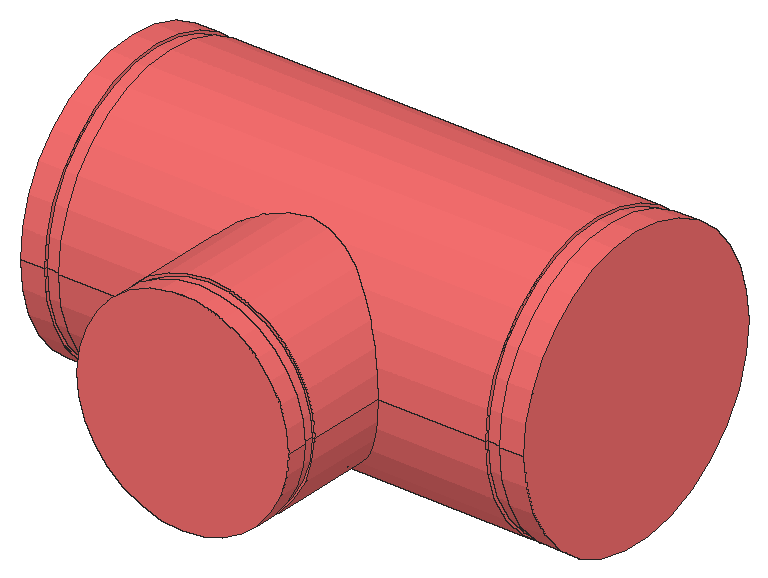
Revit family "ST115 REDUCING TEE", category Pipe Fittings, Revit 2025
Family settings
  Round Connector Dimension = Use Diameter
  Part Type = Tee
  Work Plane-Based = No
  Always vertical = No
  Cut with Voids When Loaded = No
  Shared = No
Parameters (values of type "200X165.1")
  OD1 [instance] = size_lookup(LOOKUP TABLE, "OD1", 50 mm, ND, ND1)  # 165.1 mm
  ND1 [instance] = 165.1 mm
  ND [instance] = 200 mm
  LOOKUP TABLE [instance] = "ST-115 REDUCING TEE"
  GD1 [instance] = size_lookup(LOOKUP TABLE, "GD1", 50 mm, ND, ND1)  # 161 mm
  GD [instance] = size_lookup(LOOKUP TABLE, "GD", 50 mm, ND, ND1)  # 215 mm
  F1 [instance] = size_lookup(LOOKUP TABLE, "F1", 50 mm, ND, ND1)  # 9.5 mm
  F [instance] = size_lookup(LOOKUP TABLE, "F", 50 mm, ND, ND1)  # 11.1 mm
  E1 [instance] = size_lookup(LOOKUP TABLE, "E1", 50 mm, ND, ND1)  # 15.9 mm
  E [instance] = size_lookup(LOOKUP TABLE, "E", 50 mm, ND, ND1)  # 19 mm
  Default Elevation = 0 mm
  OD [instance] = size_lookup(LOOKUP TABLE, "OD", 50 mm, ND, ND1)  # 219.1 mm
  CE [instance] = size_lookup(LOOKUP TABLE, "CE", 50 mm, ND, ND1)  # 196.8 mm
Types (98, lengths in mm): name | OD1 | ND1 | ND | GD1 | GD | F1 | F | E1 | E | OD | CE
  50X25 | 33.4 | 25 | 50 | 30.3 | 57.5 | 8 | 8 | 15.9 | 15.9 | 60.3 | 82.5
  50X32 | 42.2 | 32 | 50 | 39 | 57.5 | 8 | 8 | 15.9 | 15.9 | 60.3 | 82.5
  50X40 | 48.3 | 40 | 50 | 46 | 57.5 | 8 | 8 | 15.9 | 15.9 | 60.3 | 82.5
  65X32 | 42.2 | 32 | 65 | 39 | 70 | 8 | 8 | 15.9 | 15.9 | 73 | 95.2
  65X40 | 48.3 | 40 | 65 | 46 | 70 | 8 | 8 | 15.9 | 15.9 | 73 | 95.2
  65X50 | 60.3 | 50 | 65 | 57.5 | 70 | 8 | 8 | 15.9 | 15.9 | 73 | 95.2
  76.1X25 | 33.4 | 25 | 76.1 | 30.3 | 73 | 8 | 8 | 15.9 | 15.9 | 76.1 | 95.2
  76.1X32 | 42.2 | 32 | 76.1 | 39 | 73 | 8 | 8 | 15.9 | 15.9 | 76.1 | 95.2
  76.1X40 | 48.3 | 40 | 76.1 | 46 | 73 | 8 | 8 | 15.9 | 15.9 | 76.1 | 95.2
  76.1X50 | 60.3 | 50 | 76.1 | 57.5 | 73 | 8 | 8 | 15.9 | 15.9 | 76.1 | 95.2
  80X25 | 33.4 | 25 | 80 | 30.3 | 85 | 8 | 8 | 15.9 | 15.9 | 88.9 | 108
  80X32 | 42.2 | 32 | 80 | 39 | 85 | 8 | 8 | 15.9 | 15.9 | 88.9 | 108
  80X40 | 48.3 | 40 | 80 | 46 | 85 | 8 | 8 | 15.9 | 15.9 | 88.9 | 108
  80X50 | 60.3 | 50 | 80 | 57.5 | 85 | 8 | 8 | 15.9 | 15.9 | 88.9 | 108
  80X65 | 73 | 65 | 80 | 70 | 85 | 8 | 8 | 15.9 | 15.9 | 88.9 | 108
  100X25 | 33.4 | 25 | 100 | 30.3 | 111 | 8 | 9.5 | 15.9 | 15.9 | 114.3 | 127
  100X32 | 42.2 | 32 | 100 | 39 | 111 | 8 | 9.5 | 15.9 | 15.9 | 114.3 | 127
  100X40 | 48.3 | 40 | 100 | 46 | 111 | 8 | 9.5 | 15.9 | 15.9 | 114.3 | 127
  100X50 | 60.3 | 50 | 100 | 57.5 | 111 | 8 | 9.5 | 15.9 | 15.9 | 114.3 | 127
  100X65 | 73 | 65 | 100 | 70 | 111 | 8 | 9.5 | 15.9 | 15.9 | 114.3 | 127
  100X76.1 | 76.1 | 76.1 | 100 | 73 | 111 | 8 | 9.5 | 15.9 | 15.9 | 114.3 | 127
  100X80 | 88.9 | 80 | 100 | 85 | 111 | 8 | 9.5 | 15.9 | 15.9 | 114.3 | 127
  125X40 | 48.3 | 40 | 125 | 46 | 137 | 8 | 9.5 | 15.9 | 15.9 | 141.3 | 139.7
  125X50 | 60.3 | 50 | 125 | 57.5 | 137 | 8 | 9.5 | 15.9 | 15.9 | 141.3 | 139.7
  125X65 | 73 | 65 | 125 | 70 | 137 | 8 | 9.5 | 15.9 | 15.9 | 141.3 | 139.7
  125X76.1 | 76.1 | 76.1 | 125 | 73 | 137 | 8 | 9.5 | 15.9 | 15.9 | 141.3 | 139.7
  125X80 | 88.9 | 80 | 125 | 85 | 137 | 8 | 9.5 | 15.9 | 15.9 | 141.3 | 139.7
  125X100 | 114.3 | 100 | 125 | 111 | 137 | 9.5 | 9.5 | 15.9 | 15.9 | 141.3 | 139.7
  165.1X50 | 73 | 65 | 165.1 | 70 | 161 | 8 | 9.5 | 15.9 | 15.9 | 165.1 | 165.1
  165.1X65 | 73 | 65 | 165.1 | 70 | 161 | 8 | 9.5 | 15.9 | 15.9 | 165.1 | 165.1
  165.1X76.1 | 76.1 | 76.1 | 165.1 | 73 | 161 | 8 | 9.5 | 15.9 | 15.9 | 165.1 | 165.1
  165.1X80 | 88.9 | 80 | 165.1 | 85 | 161 | 8 | 9.5 | 15.9 | 15.9 | 165.1 | 165.1
  165.1X100 | 114.3 | 100 | 165.1 | 111 | 161 | 9.5 | 9.5 | 15.9 | 15.9 | 165.1 | 165.1
  150X40 | 48.3 | 40 | 150 | 46 | 164 | 8 | 9.5 | 15.9 | 15.9 | 168.3 | 165.1
  150X50 | 60.3 | 50 | 150 | 57.5 | 164 | 8 | 9.5 | 15.9 | 15.9 | 168.3 | 165.1
  150X65 | 73 | 65 | 150 | 70 | 164 | 8 | 9.5 | 15.9 | 15.9 | 168.3 | 165.1
  150X62 | 50 | 62 | 150 | 50 | 50 | 50 | 50 | 50 | 50 | 50 | 50
  150X80 | 88.9 | 80 | 150 | 85 | 164 | 8 | 9.5 | 15.9 | 15.9 | 168.3 | 165.1
  150X100 | 114.3 | 100 | 150 | 111 | 164 | 9.5 | 9.5 | 15.9 | 15.9 | 168.3 | 165.1
  150X125 | 141.3 | 125 | 150 | 137 | 164 | 9.5 | 9.5 | 15.9 | 15.9 | 168.3 | 165.1
  200X40 | 48.3 | 40 | 200 | 46 | 215 | 8 | 11.1 | 15.9 | 19 | 219.1 | 196.8
  200X50 | 60.3 | 50 | 200 | 57.5 | 215 | 8 | 11.1 | 15.9 | 19 | 219.1 | 196.8
  200X65 | 73 | 65 | 200 | 70 | 215 | 8 | 11.1 | 15.9 | 19 | 219.1 | 196.8
  200X62 | 50 | 62 | 200 | 50 | 50 | 50 | 50 | 50 | 50 | 50 | 50
  200X80 | 88.9 | 80 | 200 | 85 | 215 | 8 | 11.1 | 15.9 | 19 | 219.1 | 196.8
  200X100 | 114.3 | 100 | 200 | 111 | 215 | 9.5 | 11.1 | 15.9 | 19 | 219.1 | 196.8
  200X125 | 141.3 | 125 | 200 | 137 | 215 | 9.5 | 11.1 | 15.9 | 19 | 219.1 | 196.8
  200X165.1 | 165.1 | 165.1 | 200 | 161 | 215 | 9.5 | 11.1 | 15.9 | 19 | 219.1 | 196.8
  200X150 | 168.3 | 150 | 200 | 164 | 215 | 9.5 | 11.1 | 15.9 | 19 | 219.1 | 196.8
  250X50 | 60.3 | 50 | 250 | 57.5 | 268 | 8 | 12.7 | 15.9 | 19 | 273 | 229
  250X65 | 73 | 65 | 250 | 70 | 268 | 8 | 12.7 | 15.9 | 19 | 273 | 229
  250X62 | 50 | 62 | 250 | 50 | 50 | 50 | 50 | 50 | 50 | 50 | 50
  250X80 | 88.9 | 80 | 250 | 85 | 268 | 8 | 12.7 | 15.9 | 19 | 273 | 229
  250X100 | 114.3 | 100 | 250 | 111 | 268 | 9.5 | 12.7 | 15.9 | 19 | 273 | 229
  250X125 | 141.3 | 125 | 250 | 137 | 268 | 9.5 | 12.7 | 15.9 | 19 | 273 | 229
  250X150 | 168.3 | 150 | 250 | 164 | 268 | 9.5 | 12.7 | 15.9 | 19 | 273 | 229
  250X200 | 219.1 | 200 | 250 | 215 | 268 | 11.1 | 12.7 | 19 | 19 | 273 | 229
  300X50 | 60.3 | 50 | 300 | 57.5 | 318 | 8 | 12.7 | 15.9 | 19 | 324 | 254
  300X65 | 73 | 65 | 300 | 70 | 318 | 8 | 12.7 | 15.9 | 19 | 324 | 254
  300X62 | 50 | 62 | 300 | 50 | 50 | 50 | 50 | 50 | 50 | 50 | 50
  300X80 | 88.9 | 80 | 300 | 85 | 318 | 8 | 12.7 | 15.9 | 19 | 324 | 254
  300X100 | 114.3 | 100 | 300 | 111 | 318 | 9.5 | 12.7 | 15.9 | 19 | 324 | 254
  300X125 | 141.3 | 125 | 300 | 137 | 318 | 9.5 | 12.7 | 15.9 | 19 | 324 | 254
  300X150 | 168.3 | 150 | 300 | 164 | 318 | 9.5 | 12.7 | 15.9 | 19 | 324 | 254
  300X200 | 273 | 250 | 300 | 268 | 318 | 12.7 | 12.7 | 19 | 19 | 324 | 254
  300X250 | 273 | 250 | 300 | 268 | 318 | 12.7 | 12.7 | 19 | 19 | 324 | 254
  350X100 | 114.3 | 100 | 350 | 111 | 350 | 9.5 | 12.7 | 15.9 | 24 | 356 | 279
  350X150 | 168.3 | 150 | 350 | 164 | 350 | 9.5 | 12.7 | 15.9 | 24 | 356 | 279
  350X200 | 219.1 | 200 | 350 | 215 | 350 | 11.1 | 12.7 | 19 | 24 | 356 | 279
  350X250 | 273 | 250 | 350 | 268 | 350 | 12.7 | 12.7 | 19 | 24 | 356 | 279
  350X300 | 324 | 300 | 350 | 318 | 350 | 12.7 | 12.7 | 19 | 24 | 356 | 279
  400X100 | 114.3 | 100 | 400 | 111 | 401 | 9.5 | 12.7 | 15.9 | 24 | 406 | 305
  400X150 | 168.3 | 150 | 400 | 164 | 401 | 9.5 | 12.7 | 15.9 | 24 | 406 | 305
  400X200 | 219.1 | 200 | 400 | 215 | 401 | 11.1 | 12.7 | 19 | 24 | 406 | 305
  400X300 | 324 | 300 | 400 | 318 | 401 | 12.7 | 12.7 | 19 | 24 | 406 | 305
  400X250 | 273 | 250 | 400 | 268 | 401 | 12.7 | 12.7 | 19 | 24 | 406 | 305
  400X350 | 356 | 350 | 400 | 350 | 401 | 12.7 | 12.7 | 24 | 24 | 406 | 305
  450X350 | 356 | 350 | 450 | 350 | 452 | 12.7 | 12.7 | 24 | 25.4 | 457 | 394
  450X200 | 219.1 | 200 | 450 | 215 | 452 | 11.1 | 12.7 | 19 | 25.4 | 457 | 394
  450X300 | 324 | 300 | 450 | 318 | 452 | 12.7 | 12.7 | 19 | 25.4 | 457 | 394
  450X250 | 273 | 250 | 450 | 268 | 452 | 12.7 | 12.7 | 19 | 25.4 | 457 | 394
  450X400 | 114.3 | 100 | 450 | 111 | 452 | 9.5 | 12.7 | 15.9 | 25.4 | 457 | 394
  450X100 | 114.3 | 100 | 450 | 111 | 452 | 9.5 | 12.7 | 15.9 | 25.4 | 457 | 394
  450X150 | 168.3 | 150 | 450 | 164 | 452 | 9.5 | 12.7 | 15.9 | 25.4 | 457 | 394
  500x150 | 168.3 | 150 | 500 | 164 | 502.5 | 9.5 | 12.7 | 15.9 | 25.4 | 508 | 438
  500x200 | 219.1 | 200 | 500 | 215 | 502.5 | 11.1 | 12.7 | 19 | 25.4 | 508 | 438
  500x250 | 273 | 250 | 500 | 268 | 502.5 | 12.7 | 12.7 | 19 | 25.4 | 508 | 438
  500x300 | 324 | 300 | 500 | 318 | 502.5 | 12.7 | 12.7 | 19 | 25.4 | 508 | 438
  500x350 | 356 | 350 | 500 | 350 | 502.5 | 12.7 | 12.7 | 24 | 25.4 | 508 | 438
  500x450 | 457 | 450 | 500 | 452 | 502.5 | 12.7 | 12.7 | 25.4 | 25.4 | 508 | 438
  500x400 | 406 | 400 | 500 | 401 | 502.5 | 12.7 | 12.7 | 24 | 25.4 | 508 | 438
  600x200 | 219.1 | 200 | 600 | 215 | 601 | 11.1 | 12.7 | 19 | 25.4 | 610 | 508
  600x300 | 324 | 300 | 600 | 318 | 601 | 12.7 | 12.7 | 19 | 25.4 | 610 | 508
  600x250 | 273 | 250 | 600 | 268 | 601 | 12.7 | 12.7 | 19 | 25.4 | 610 | 508
  600x350 | 356 | 350 | 600 | 350 | 601 | 12.7 | 12.7 | 24 | 25.4 | 610 | 508
  600x400 | 406 | 400 | 600 | 401 | 601 | 12.7 | 12.7 | 24 | 25.4 | 610 | 508
  600x450 | 457 | 450 | 600 | 452 | 601 | 12.7 | 12.7 | 25.4 | 25.4 | 610 | 508
  600x500 | 508 | 500 | 600 | 502.5 | 601 | 12.7 | 12.7 | 25.4 | 25.4 | 610 | 508
Reference planes
  plane 1 "Center (Front/Back)": y = 0
  plane 2: z = 0
  plane 3 "Center (Left/Right)": x = 56.8
  plane 4 "CTOE1": x = -140
  plane 5 "CTOE2": x = 253.6
  plane 6 "CTOE3": y = -196.8
  plane 7: x = 234.6
  plane 8: x = 223.5
  plane 9: y = 107.5
  plane 10: y = -107.5
  plane 11: x = -121
  plane 12: x = -109.9
  plane 13: y = 107.5
  plane 14: y = -107.5
  plane 15: y = 109.55
  plane 16: y = -109.55
  plane 17: y = -180.9
  plane 18: y = -171.4
  plane 19: x = -25.75
  plane 20: x = -23.7
  plane 21: x = 139.35
  plane 22: x = 137.3
Forms (mm)
  Extrusion 1, solid, material "Iron, Ductile(1)"
    sketch origin (56.8, 0, 0) x (0, 1, 0) y (0, 0, 1)
      loop
        circle (0, 0) r 109.55
    from -196.8 to 196.8
  Extrusion 2, solid, material "Iron, Ductile(1)"
    sketch origin (0, -196.8, 0) x (-1, 0, 0) y (0, 0, 1)
      loop
        circle (-56.8, 0) r 82.55
    from 0 to 196.8
  Revolve 3, void
    sketch origin (0, 0, 0) x (1, 0, 0) y (0, 1, 0)
      loop
        line (223.5, 109.55) -> (223.5, 107.5) -> (234.6, 107.5) -> (234.6, 109.55) -> (223.5, 109.55)
      loop
        line (-109.9, 109.55) -> (-121, 109.55) -> (-121, 107.5) -> (-109.9, 107.5) -> (-109.9, 109.55)
      axis (234.6, 0) -> (-121, 0)
    angle from 0 to 360
  Revolve 4, void
    sketch origin (0, 0, 0) x (1, 0, 0) y (0, 1, 0)
      loop
        line (-25.75, -171.4) -> (-25.75, -180.9) -> (-23.7, -180.9) -> (-23.7, -171.4) -> (-25.75, -171.4)
      axis (56.8, -171.4) -> (56.8, -180.9)
    angle from 0 to 360
Cuts and joins
  Revolve 3, Revolve 4 cuts Extrusion 1
  Revolve 3, Revolve 4 cuts Extrusion 2
  joined: Extrusion 1, Extrusion 2
Dimensions and locks
  equal spacing: plane 4 "CTOE1", plane 3 "Center (Left/Right)", plane 5 "CTOE2"
  "CE": plane 6 "CTOE3" to plane 1 "Center (Front/Back)"
  equal spacing: plane 9, plane 1 "Center (Front/Back)", plane 10
  "E": plane 7 to plane 5 "CTOE2"
  "F": plane 8 to plane 7
  "GD": plane 9 to plane 10
  "GD": plane 13 to plane 14
  equal spacing: plane 13, plane 1 "Center (Front/Back)", plane 14
  "E": plane 4 "CTOE1" to plane 11
  "F": plane 11 to plane 12
  equal spacing: plane 15, plane 1 "Center (Front/Back)", plane 16
  "OD": plane 15 to plane 16
  equal spacing: plane 20, plane 3 "Center (Left/Right)", plane 22
  "GD1": plane 20 to plane 22
  equal spacing: plane 19, plane 3 "Center (Left/Right)", plane 21
  "OD1": plane 19 to plane 21
  plane 19 to plane 20 = 2.05 mm
  "E1": plane 17 to plane 6 "CTOE3"
  "F1": plane 17 to plane 18
  plane 4 "CTOE1" to plane 3 "Center (Left/Right)" = 196.8 mm
  "CE": plane 3 "Center (Left/Right)" to plane 5 "CTOE2"
  "OD": diameter of Extrusion 1 sketch curve
  "OD1": diameter of Extrusion 2 sketch curve
  aligned and locked: level to plane 2
  aligned and locked: plane 1 "Center (Front/Back)" to Extrusion 1 sketch curve
  aligned and locked: level to Extrusion 1 sketch curve
  aligned and locked: plane 3 "Center (Left/Right)" to Extrusion 2 sketch curve
  aligned and locked: level to Extrusion 2 sketch curve
  aligned and locked: Extrusion 2 to plane 1 "Center (Front/Back)"
  aligned and locked: plane 8 to Revolve 3 sketch curve
  aligned and locked: Revolve 3 sketch curve to plane 9
  aligned and locked: Revolve 3 sketch curve to plane 7
  aligned and locked: plane 12 to Revolve 3 sketch curve
  aligned and locked: Revolve 3 sketch curve to plane 13
  aligned and locked: Revolve 3 sketch curve to plane 11
  aligned and locked: plane 15 to Revolve 3 sketch curve  (x2)
  aligned and locked: Revolve 3 sketch curve to plane 1 "Center (Front/Back)"
  aligned and locked: plane 17 to Revolve 4 sketch curve
  aligned and locked: plane 18 to Revolve 4 sketch curve
  aligned and locked: Revolve 4 sketch curve to plane 19
  aligned and locked: plane 20 to Revolve 4 sketch curve
  aligned and locked: Revolve 4 sketch curve to plane 3 "Center (Left/Right)"
  aligned and locked: plane 5 "CTOE2" to cut or joined group of Extrusion 1, Extrusion 2, Revolve 3, Revolve 4
  aligned and locked: cut or joined group of Extrusion 1, Extrusion 2, Revolve 3, Revolve 4 to plane 4 "CTOE1"
  aligned and locked: cut or joined group of Extrusion 1, Extrusion 2, Revolve 3, Revolve 4 to plane 6 "CTOE3"
Automatic sketch dimensions
  Revolve 3 sketch curve to plane 4 "CTOE1" = 1860 mm
  plane 5 "CTOE2" to Revolve 3 sketch curve = 2000 mm
  Revolve 4 sketch curve to plane 6 "CTOE3" = 1930 mm
  plane 9 to Revolve 4 sketch curve = 1947.589 mm
Connectors
  piping at (253.6, 0, 0), diameter 200, driven by "ND"
    settings: on cut or joined group of Extrusion 1, Extrusion 2, Revolve 3, Revolve 4, index 1, connector inside diameter 609.6 mm, connector length 0 mm, flow factor 0, pipe flow 0.0 L/s, pressure drop 0.0 Pa, fitting loss kfactor 0, connector angle 0.00°, fixture units 0, engagement length 0 mm, angle of deflection 0.00°, flow configuration 0, flow direction 0, fitting loss method 0, system type 28, joint type 0, gender type 0, connector reference index 2, connector utility 0, adjustable connector no, is connector primary yes, connector description ""
  piping at (-140, 0, 0), diameter 200, driven by "ND"
    settings: on cut or joined group of Extrusion 1, Extrusion 2, Revolve 3, Revolve 4, index 2, connector inside diameter 609.6 mm, connector length 0 mm, flow factor 0, pipe flow 0.0 L/s, pressure drop 0.0 Pa, fitting loss kfactor 0, connector angle 0.00°, fixture units 0, engagement length 0 mm, angle of deflection 0.00°, flow configuration 0, flow direction 0, fitting loss method 0, system type 28, joint type 0, gender type 0, connector reference index 1, connector utility 0, adjustable connector no, is connector primary no, connector description ""
  piping at (56.8, -196.8, 0), diameter 165.1, driven by "ND1"
    settings: on cut or joined group of Extrusion 1, Extrusion 2, Revolve 3, Revolve 4, index 3, connector inside diameter 609.6 mm, connector length 0 mm, flow factor 0, pipe flow 0.0 L/s, pressure drop 0.0 Pa, fitting loss kfactor 0, connector angle 0.00°, fixture units 0, engagement length 0 mm, angle of deflection 0.00°, flow configuration 0, flow direction 0, fitting loss method 0, system type 28, joint type 0, gender type 0, connector reference index -1, connector utility 0, adjustable connector no, is connector primary no, connector description ""
